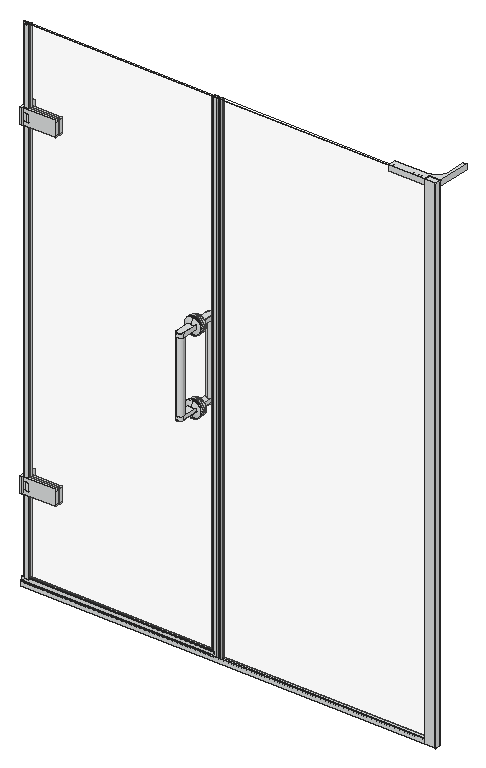
Revit family "Shower-Shower_Door-KOHLER-Components-K-27619", category Specialty Equipment, host Face, Revit 2017 (continued)
Definition of nested family "K-27619"
  Dimensions and locks (in)
    locked: plane 5 to cut or joined group 1 (Extrusion 2, Extrusion 5, Extrusion 7, Extrusion 9, Extrusion 10, Extrusion 11, Extrusion 12, Extrusion 13, Extrusion 18) at 0.49213
    locked: plane 5 to cut or joined group 1 at 0.44213
    locked: plane 5 to plane 19 at 0.98388
    locked: plane 5 to plane 20 at 0.94563
    locked: plane 5 to plane 21 at 0.44213
    locked: plane 5 to plane 22 at 0.49213
    locked: plane 5 to curve 162 at 1.24017
    locked: plane 5 to curve 173 at 1.24017
    locked: plane 5 to Extrusion 20 sketch curve at 5.15274
    plane 6 to plane 5 = 58"
    locked: plane 6 to plane 3 "Center (Left/Right)" at 23.05758
    "A": plane 5 to plane 6
    plane 23 "X" to plane 6 = 34 45/128"
    plane 4 to plane 26 = 7 13/16"
    plane 11 to level = 42 1/16"
    plane 27 to plane 6 = 31 9/16"
    plane 31 to plane 13 = 5 7/16"
    aligned and locked: plane 2 to level
    aligned and locked: cut or joined group of Extrusion 3, Extrusion 4, Extrusion 6, Extrusion 8, Extrusion 20 to plane 5  (x3)
    aligned and locked: plane 14 to cut or joined group of Extrusion 3, Extrusion 4, Extrusion 6, Extrusion 8, Extrusion 20  (x2)
    aligned and locked: plane 15 to cut or joined group of Extrusion 3, Extrusion 4, Extrusion 6, Extrusion 8, Extrusion 20
    aligned and locked: cut or joined group of Extrusion 3, Extrusion 4, Extrusion 6, Extrusion 8, Extrusion 20 to plane 14  (x2)
    aligned and locked: cut or joined group 1 to plane 14
    aligned and locked: Extrusion 17 to plane 15
    aligned and locked: Extrusion 17 to plane 14  (x2)
    aligned and locked: cut or joined group 1 to plane 5
    aligned and locked: Extrusion 19 to plane 14
    aligned and locked: plane 20 to cut or joined group 1
    aligned and locked: cut or joined group 1 to plane 19  (x2)
    aligned and locked: cut or joined group 1 to plane 20
    aligned and locked: Extrusion 1 to Extrusion 14
    aligned and locked: Extrusion 8 to cut or joined group of Extrusion 1, Extrusion 14
  Automatic sketch dimensions
    curve 122 to plane 13 = 0"
    curve 91 to plane 13 = 0"
    curve 84 to plane 13 = 0"
    curve 131 to level = 0"
    curve 131 to plane 7 = 0"
    curve 132 to level = 0"
    curve 132 to plane 7 = 0"
    curve 89 to plane 10 = 0"
    curve 133 to plane 10 = 0"
    curve 114 to plane 7 = 0"
    curve 96 to plane 7 = 0"
    plane 11 to curve 140 = 0"
    curve 90 to plane 7 = 0"
    curve 89 to plane 7 = 0"
    plane 25 to curve 128 = 0.0336"
    plane 1 "Center (Front/Back)" to curve 128 = 0.16426"
    plane 1 "Center (Front/Back)" to curve 125 = 0.16426"
    plane 1 "Center (Front/Back)" to curve 118 = 0.13285"
    curve 117 to plane 1 "Center (Front/Back)" = 0.09125"
    curve 130 to plane 25 = 0.0914"
    curve 130 to plane 1 "Center (Front/Back)" = 0.19263"
    curve 123 to plane 1 "Center (Front/Back)" = 0.19263"
    plane 12 to curve 107 = 0.30166"
    curve 107 to plane 12 = 0.03746"
    curve 100 to plane 7 = 0.30808"
    curve 100 to plane 4 = 0.89033"
    curve 102 to curve 103 = 0.31756"
    plane 8 to curve 124 = 6.04461"
    curve 124 to curve 126 = 1/8"
    curve 116 to plane 7 = 5.11858"
    curve 116 to curve 117 = 0.13821"
    curve 101 to curve 100 = 1/4"
    curve 107 to plane 7 = 0.54191"
    curve 107 to curve 108 = 1/8"
    curve 92 to plane 13 = 0.06491"
    curve 85 to curve 84 = 0.06491"
    plane 9 to curve 131 = 0.01297"
    plane 10 to curve 132 = 0.03956"
    curve 134 to curve 114 = 0.05284"
    curve 114 to curve 96 = 0.04359"
    curve 93 to curve 95 = 0.14683"
    curve 86 to curve 88 = 0.14683"
    curve 121 to plane 10 = 0.21466"
    curve 141 to plane 10 = 0.21466"
    curve 88 to curve 139 = 0.06783"
    curve 96 to curve 119 = 0.11823"
    curve 95 to curve 120 = 0.06783"
    curve 140 to plane 11 = 0.11817"
    curve 140 to plane 10 = 0.25441"
    curve 119 to curve 134 = 0.03975"
    curve 121 to curve 87 = 0.03975"
    curve 120 to curve 94 = 0.03977"
    curve 119 to curve 93 = 0.57224"
    curve 139 to curve 86 = 0.57224"
    curve 112 to plane 7 = 0.1201"
    curve 112 to curve 109 = 0.32269"
    curve 104 to plane 12 = 0.37565"
    curve 111 to plane 7 = 0.10663"
    curve 111 to curve 100 = 0.21983"
    curve 97 to plane 7 = 0.03436"
    curve 97 to plane 4 = 1/4"
    plane 8 to curve 133 = 0.12922"
    curve 133 to curve 89 = 0.24243"
    curve 89 to curve 121 = 0.00094"
    curve 89 to curve 133 = 0.0584"
    curve 123 to curve 87 = 4.85973"
    curve 87 to curve 84 = 0.00344"
    curve 85 to curve 84 = 0"  (x2)
    curve 85 to curve 85 = 2.16501"
    curve 84 to curve 86 = 0.00035"
    curve 122 to plane 28 = 2.3228"
    curve 139 to plane 28 = 0.29996"
    plane 28 to curve 141 = 0.26341"
    plane 28 to curve 122 = 1.6772"
    curve 141 to plane 24 = 0.26341"
    plane 11 to curve 120 = 0.2152"
    curve 91 to curve 116 = 7.94017"
    curve 91 to curve 94 = 0"
    curve 91 to curve 92 = 0.00344"
    curve 92 to curve 92 = 2.16535"
    curve 92 to curve 93 = 0"
    curve 92 to curve 91 = 0.01915"
    curve 96 to curve 112 = 0.63974"
    curve 90 to curve 103 = 0.20177"
    curve 104 to curve 107 = 0.19175"
    curve 99 to curve 110 = 0.04089"
    curve 96 to curve 113 = 0.06744"
    curve 199 to curve 200 = 0"  (x2)
    curve 201 to curve 202 = 0"  (x2)
    curve 167 to plane 5 = 0"
    curve 159 to plane 5 = 0"
    curve 67 to plane 5 = 0"
    curve 170 to plane 5 = 0"
    curve 68 to plane 5 = 0"
    curve 156 to plane 5 = 0"
    curve 161 to plane 14 = 0"
    curve 172 to plane 14 = 0"
    plane 21 to curve 178 = 0"
    plane 21 to curve 179 = 0"
    curve 180 to plane 8 = 0"
    plane 21 to curve 180 = 0"
    plane 19 to curve 135 = 0"
    plane 19 to curve 181 = 0"
    plane 19 to curve 182 = 0"
    plane 15 to curve 169 = 0"
    curve 157 to plane 15 = 0"
    curve 138 to plane 28 = 0"
    curve 203 to plane 24 = 0"
    curve 202 to plane 23 "X" = 0"
    curve 199 to plane 23 "X" = 0"
    curve 69 to plane 8 = 0"
    curve 79 to plane 7 = 0"
    curve 77 to plane 7 = 0"
    curve 75 to plane 7 = 0"
    curve 75 to level = 0"
    curve 82 to plane 7 = 0"
    plane 6 to curve 80 = 0"
    plane 6 to curve 81 = 0"
    curve 199 to plane 24 = 0"
    curve 175 to curve 173 = 0.02685"
    curve 165 to curve 162 = 0.02685"
    curve 163 to curve 166 = 0.01966"
    curve 177 to curve 173 = 0.01966"
    curve 170 to plane 15 = 0.19715"
    curve 159 to plane 15 = 0.19715"
    curve 158 to curve 157 = 0.19541"
    curve 167 to plane 15 = 0.19541"
    curve 138 to plane 23 "X" = 0.47037"
    plane 23 "X" to curve 204 = 0.47037"
    curve 78 to plane 7 = 0.75984"
    plane 6 to curve 78 = 6.7126"
    plane 8 to curve 170 = 11.15399"
    curve 181 to curve 174 = 0.58071"
    curve 177 to curve 176 = 0.95743"
    curve 171 to curve 169 = 1.77279"
    curve 201 to plane 28 = 0.05118"
    curve 159 to plane 7 = 13.05532"
    curve 182 to curve 163 = 0.58071"
    curve 166 to curve 165 = 0.95743"
    curve 160 to curve 158 = 1.77279"
    curve 72 to plane 27 = 0.23477"
    curve 74 to plane 8 = 0.10539"
    plane 27 to curve 74 = 0.34576"
    curve 74 to curve 73 = 0.14354"
    curve 73 to curve 70 = 0.05067"
    curve 71 to plane 7 = 0.24157"
    curve 70 to curve 71 = 0.52371"
    plane 6 to curve 76 = 1.70508"
    curve 76 to curve 77 = 0.12396"
    curve 77 to curve 80 = 0.00631"
    level to curve 82 = 0.00051"
    curve 75 to curve 82 = 0.02444"
    plane 8 to curve 66 = 0.15896"
    curve 66 to curve 83 = 0.32901"
    curve 201 to curve 201 = 1.18257"
    curve 200 to curve 137 = 1.085"
    curve 135 to plane 7 = 0.36646"
    curve 136 to plane 7 = 0.36646"
    curve 70 to plane 7 = 0.24157"
    curve 178 to plane 7 = 0.24157"
    curve 135 to curve 183 = 0.12489"
    curve 73 to curve 70 = 0"
    curve 74 to curve 73 = 0"
    curve 135 to curve 72 = 0.12493"
    curve 81 to plane 7 = 0.05824"
    curve 81 to curve 80 = 0.01166"
    Extrusion 1 sketch curve to plane 27 = 0.06"
    Extrusion 1 sketch curve to plane 27 = 0.05835"
    plane 27 to Extrusion 1 sketch curve = 0"
    plane 1 "Center (Front/Back)" to Extrusion 1 sketch curve = 0.07666"
    plane 27 to Extrusion 1 sketch curve = 0.82677"
    Extrusion 1 sketch curve to Extrusion 1 sketch curve = 0.062"  (x3)
    plane 10 to Extrusion 1 sketch curve = 0.17916"
    plane 6 to Extrusion 1 sketch curve = 1.5748"
    plane 1 "Center (Front/Back)" to Extrusion 1 sketch curve = 0.12603"
    plane 1 "Center (Front/Back)" to Extrusion 1 sketch curve = 0.13866"
    Extrusion 1 sketch curve to Extrusion 1 sketch curve = 0.06"
    Extrusion 1 sketch curve to plane 1 "Center (Front/Back)" = 0.13447"
    Extrusion 1 sketch curve to Extrusion 1 sketch curve = 0.05835"
    Extrusion 2 sketch curve to plane 5 = 0"
    Extrusion 2 sketch curve to plane 17 = 0"  (x2)
    Extrusion 2 sketch curve to plane 16 = 0"  (x2)
    Extrusion 2 sketch curve to plane 21 = 0.02311"
    Extrusion 2 sketch curve to plane 22 = 1/32"  (x2)
    plane 9 to Extrusion 2 sketch curve = 0.07891"
    Extrusion 2 sketch curve to Extrusion 2 sketch curve = 0.04681"
    Extrusion 2 sketch curve to Extrusion 2 sketch curve = 0.04145"
    Extrusion 2 sketch curve to plane 1 "Center (Front/Back)" = 0.19282"
    Extrusion 2 sketch curve to plane 1 "Center (Front/Back)" = 0.19623"
    Extrusion 2 sketch curve to Extrusion 2 sketch curve = 0.02023"
    Extrusion 2 sketch curve to Extrusion 2 sketch curve = 0.03698"
    Extrusion 3 sketch curve to plane 13 = 0.10639"
    plane 12 to Extrusion 3 sketch curve = 0.64596"
    plane 12 to Extrusion 3 sketch curve = 0.64549"
    Extrusion 3 sketch curve to Extrusion 3 sketch curve = 25/128"
    Extrusion 3 sketch curve to plane 7 = 13.05532"
    Extrusion 3 sketch curve to Extrusion 3 sketch curve = 1.77519"
    Extrusion 4 sketch curve to plane 14 = 0"  (x2)
    Extrusion 4 sketch curve to plane 15 = 0"
    Extrusion 4 sketch curve to plane 19 = 0.23416"
    Extrusion 4 sketch curve to plane 19 = 0.23504"
    Extrusion 4 sketch curve to Extrusion 4 sketch curve = 0.02124"
    Extrusion 4 sketch curve to Extrusion 4 sketch curve = 25/128"  (x2)
    Extrusion 4 sketch curve to plane 7 = 13.06658"
    Extrusion 4 sketch curve to Extrusion 4 sketch curve = 0.58071"
    Extrusion 4 sketch curve to Extrusion 4 sketch curve = 0.96057"
    Extrusion 4 sketch curve to Extrusion 4 sketch curve = 1.77438"
    Extrusion 5 sketch curve to plane 14 = 0"
    Extrusion 5 sketch curve to plane 13 = 0.06491"
    Extrusion 5 sketch curve to plane 20 = 0.09988"
    Extrusion 6 sketch curve to plane 13 = 0.10639"
    plane 12 to Extrusion 6 sketch curve = 0.64596"
    plane 12 to Extrusion 6 sketch curve = 0.64549"
    Extrusion 6 sketch curve to Extrusion 6 sketch curve = 25/128"
    plane 8 to Extrusion 6 sketch curve = 11.15434"
    Extrusion 6 sketch curve to Extrusion 6 sketch curve = 1.77485"
    Extrusion 7 sketch curve to level = 0"  (x2)
    plane 9 to Extrusion 7 sketch curve = 0.03917"
    Extrusion 7 sketch curve to Extrusion 7 sketch curve = 0.01963"
    Extrusion 7 sketch curve to Extrusion 7 sketch curve = 0.04724"
    Extrusion 7 sketch curve to Extrusion 7 sketch curve = 0.02019"
    level to Extrusion 7 sketch curve = 0.05772"
    plane 10 to Extrusion 7 sketch curve = 0.16888"
    Extrusion 7 sketch curve to Extrusion 7 sketch curve = 0.02102"
    plane 10 to Extrusion 7 sketch curve = 0.12269"
    Extrusion 7 sketch curve to Extrusion 7 sketch curve = 0.02207"
    Extrusion 7 sketch curve to plane 8 = 0.12746"
    plane 9 to Extrusion 8 sketch curve = 0.03917"
    Extrusion 8 sketch curve to Extrusion 8 sketch curve = 0.02117"
    Extrusion 8 sketch curve to Extrusion 8 sketch curve = 0.02165"
    Extrusion 8 sketch curve to plane 8 = 0.0016"
    Extrusion 8 sketch curve to Extrusion 8 sketch curve = 0.00226"
    Extrusion 8 sketch curve to plane 8 = 0.00511"
    Extrusion 8 sketch curve to Extrusion 8 sketch curve = 0.03336"
    plane 9 to Extrusion 8 sketch curve = 0.12855"
    Extrusion 8 sketch curve to Extrusion 8 sketch curve = 0.02189"
    plane 10 to Extrusion 8 sketch curve = 0.19198"
    Extrusion 8 sketch curve to Extrusion 8 sketch curve = 0.01282"
    Extrusion 8 sketch curve to Extrusion 8 sketch curve = 0.02207"
    Extrusion 8 sketch curve to Extrusion 8 sketch curve = 0.01733"
    Extrusion 8 sketch curve to plane 10 = 0.26508"
    Extrusion 8 sketch curve to Extrusion 8 sketch curve = 0.00507"
    Extrusion 8 sketch curve to Extrusion 8 sketch curve = 0.00541"
    Extrusion 8 sketch curve to Extrusion 8 sketch curve = 0.06108"
    plane 8 to Extrusion 8 sketch curve = 0.15896"
    Extrusion 8 sketch curve to Extrusion 8 sketch curve = 0.01492"
    plane 8 to Extrusion 8 sketch curve = 0.31005"
    Extrusion 8 sketch curve to Extrusion 8 sketch curve = 0.03844"
    Extrusion 8 sketch curve to Extrusion 8 sketch curve = 0.11736"
    Extrusion 8 sketch curve to Extrusion 8 sketch curve = 0.00019"
    Extrusion 8 sketch curve to Extrusion 8 sketch curve = 0.0015"
    Extrusion 9 sketch curve to plane 13 = 0"
    plane 10 to Extrusion 9 sketch curve = 0"
    Extrusion 9 sketch curve to plane 6 = 0"
    plane 6 to Extrusion 9 sketch curve = 3/128"  (x2)
    plane 10 to Extrusion 9 sketch curve = 0.02444"
    Extrusion 9 sketch curve to Extrusion 9 sketch curve = 1.52693"
    Extrusion 9 sketch curve to Extrusion 9 sketch curve = 3/128"
    Extrusion 9 sketch curve to Extrusion 9 sketch curve = 0"
    Extrusion 9 sketch curve to Extrusion 9 sketch curve = 0.02027"
    plane 9 to Extrusion 9 sketch curve = 0.11448"
    Extrusion 9 sketch curve to Extrusion 9 sketch curve = 0.03079"
    plane 1 "Center (Front/Back)" to Extrusion 9 sketch curve = 0.13866"
    Extrusion 9 sketch curve to Extrusion 9 sketch curve = 0.07921"
    Extrusion 9 sketch curve to Extrusion 9 sketch curve = 0.00926"
    Extrusion 10 sketch curve to plane 13 = 0"
    plane 10 to Extrusion 10 sketch curve = 0"
    Extrusion 10 sketch curve to plane 6 = 0"
    plane 6 to Extrusion 10 sketch curve = 3/128"
    Extrusion 10 sketch curve to plane 9 = 0.02007"
    Extrusion 10 sketch curve to Extrusion 10 sketch curve = 1.52693"
    Extrusion 10 sketch curve to Extrusion 10 sketch curve = 0.001"
    Extrusion 10 sketch curve to Extrusion 10 sketch curve = 0.02444"
    Extrusion 11 sketch curve to plane 9 = 0"
    Extrusion 11 sketch curve to plane 4 = 0"
    Extrusion 11 sketch curve to plane 6 = 0"
    Extrusion 11 sketch curve to Extrusion 11 sketch curve = 0.07843"
    Extrusion 11 sketch curve to plane 4 = 0.02159"
    plane 6 to Extrusion 11 sketch curve = 0.45479"
    plane 9 to Extrusion 11 sketch curve = 0.02369"
    plane 6 to Extrusion 11 sketch curve = 1.58111"
    Extrusion 11 sketch curve to Extrusion 11 sketch curve = 0.39526"
    plane 9 to Extrusion 11 sketch curve = 0.02268"
    Extrusion 11 sketch curve to Extrusion 11 sketch curve = 4.71354"
    Extrusion 11 sketch curve to Extrusion 11 sketch curve = 0.02214"
    Extrusion 11 sketch curve to plane 10 = 0.09643"
    Extrusion 11 sketch curve to plane 10 = 0.41287"
    plane 1 "Center (Front/Back)" to Extrusion 12 sketch curve = 0.13866"
    Extrusion 12 sketch curve to Extrusion 12 sketch curve = 0.02395"  (x2)
    plane 10 to Extrusion 12 sketch curve = 13/64"
    plane 10 to Extrusion 12 sketch curve = 0.17916"
    Extrusion 12 sketch curve to plane 7 = 0.77361"
    Extrusion 12 sketch curve to plane 7 = 0.26553"  (x2)
    Extrusion 13 sketch curve to plane 27 = 0.23477"
    Extrusion 13 sketch curve to plane 27 = 0.23432"
    Extrusion 13 sketch curve to Extrusion 13 sketch curve = 0.05257"
    Extrusion 13 sketch curve to Extrusion 13 sketch curve = 0.05306"
    Extrusion 13 sketch curve to Extrusion 13 sketch curve = 0.007"
    Extrusion 13 sketch curve to Extrusion 13 sketch curve = 0.02419"
    Extrusion 13 sketch curve to Extrusion 13 sketch curve = 0.02214"
    Extrusion 13 sketch curve to Extrusion 13 sketch curve = 0.04726"
    Extrusion 13 sketch curve to plane 27 = 0.02447"
    Extrusion 13 sketch curve to plane 27 = 0.02354"
    Extrusion 13 sketch curve to plane 27 = 0.02278"
    plane 27 to Extrusion 13 sketch curve = 0"
    plane 27 to Extrusion 13 sketch curve = 0.03212"
    plane 27 to Extrusion 13 sketch curve = 0.0539"
    plane 27 to Extrusion 13 sketch curve = 0.07946"
    Extrusion 13 sketch curve to Extrusion 13 sketch curve = 0.1563"
    plane 27 to Extrusion 13 sketch curve = 0.18992"
    Extrusion 13 sketch curve to plane 1 "Center (Front/Back)" = 0.1381"
    Extrusion 13 sketch curve to Extrusion 13 sketch curve = 0.11986"
    Extrusion 13 sketch curve to Extrusion 13 sketch curve = 0.04324"  (x2)
    plane 27 to Extrusion 13 sketch curve = 0.41297"
    plane 1 "Center (Front/Back)" to Extrusion 13 sketch curve = 0.16325"
    Extrusion 13 sketch curve to Extrusion 13 sketch curve = 0.16989"
    plane 1 "Center (Front/Back)" to Extrusion 13 sketch curve = 0.11955"
    Extrusion 13 sketch curve to Extrusion 13 sketch curve = 0.0437"
    plane 27 to Extrusion 13 sketch curve = 0.53619"
    plane 9 to Extrusion 13 sketch curve = 0.15095"
    Extrusion 13 sketch curve to Extrusion 13 sketch curve = 0.12676"
    Extrusion 13 sketch curve to Extrusion 13 sketch curve = 0.10339"
    plane 27 to Extrusion 13 sketch curve = 0.75898"
    Extrusion 13 sketch curve to plane 13 = 0.61967"
    plane 27 to Extrusion 13 sketch curve = 0.80608"
    Extrusion 13 sketch curve to Extrusion 13 sketch curve = 0.07475"
    Extrusion 13 sketch curve to Extrusion 13 sketch curve = 0.0239"
    Extrusion 13 sketch curve to Extrusion 13 sketch curve = 0.04269"
    Extrusion 13 sketch curve to Extrusion 13 sketch curve = 0.01431"
    Extrusion 13 sketch curve to Extrusion 13 sketch curve = 0.12897"
    Extrusion 13 sketch curve to Extrusion 13 sketch curve = 0.02353"
    Extrusion 13 sketch curve to Extrusion 13 sketch curve = 0.16899"
    Extrusion 13 sketch curve to Extrusion 13 sketch curve = 0.05535"
    plane 26 to Extrusion 13 sketch curve = 0.99784"
    Extrusion 13 sketch curve to plane 26 = 1.40804"
    plane 9 to Extrusion 13 sketch curve = 0.16717"
    plane 1 "Center (Front/Back)" to Extrusion 13 sketch curve = 0.1737"
    Extrusion 13 sketch curve to Extrusion 13 sketch curve = 0.01403"
    Extrusion 13 sketch curve to Extrusion 13 sketch curve = 0.02123"
    Extrusion 13 sketch curve to Extrusion 13 sketch curve = 0.01061"
    Extrusion 13 sketch curve to Extrusion 13 sketch curve = 0.01515"
    Extrusion 13 sketch curve to Extrusion 13 sketch curve = 0.02444"
    Extrusion 13 sketch curve to Extrusion 13 sketch curve = 0.05968"
    Extrusion 13 sketch curve to plane 1 "Center (Front/Back)" = 0.07938"
    Extrusion 13 sketch curve to plane 1 "Center (Front/Back)" = 0.14164"
    Extrusion 13 sketch curve to Extrusion 13 sketch curve = 0.04136"
    Extrusion 13 sketch curve to Extrusion 13 sketch curve = 0.05275"
    Extrusion 13 sketch curve to Extrusion 13 sketch curve = 0.01147"
    Extrusion 13 sketch curve to plane 1 "Center (Front/Back)" = 0.19465"
    Extrusion 13 sketch curve to Extrusion 13 sketch curve = 0.0758"
    Extrusion 13 sketch curve to Extrusion 13 sketch curve = 0.04369"
    Extrusion 13 sketch curve to plane 10 = 0.34736"
    Extrusion 13 sketch curve to Extrusion 13 sketch curve = 0.64655"
    Extrusion 13 sketch curve to plane 4 = 1.30255"
    Extrusion 13 sketch curve to plane 4 = 0.60067"
    Extrusion 13 sketch curve to Extrusion 13 sketch curve = 0"  (x5)
    plane 22 to Extrusion 14 sketch curve = 0"
    Extrusion 14 sketch curve to plane 27 = 0"
    level to Extrusion 14 sketch curve = 0.32822"
    plane 8 to Extrusion 14 sketch curve = 0.48798"
    Masking region 1 sketch curve to Masking region 1 sketch curve = 0"  (x7)
    Masking region 1 sketch curve to plane 5 = 0"
    Masking region 1 sketch curve to plane 14 = 0"  (x2)
    Masking region 1 sketch curve to plane 15 = 0"
    Masking region 1 sketch curve to plane 26 = 0"  (x3)
    Masking region 1 sketch curve to plane 23 "X" = 0"  (x2)
    Masking region 1 sketch curve to plane 9 = 0"
    plane 10 to Masking region 1 sketch curve = 0"
    Masking region 1 sketch curve to plane 13 = 0"
    Masking region 1 sketch curve to plane 4 = 0.05648"
    Masking region 1 sketch curve to plane 6 = 0"  (x2)
    plane 9 to Masking region 1 sketch curve = 0.03917"  (x2)
    Masking region 1 sketch curve to plane 23 "X" = 1.18276"
    Masking region 1 sketch curve to plane 13 = 0.00492"  (x2)
    Masking region 1 sketch curve to Masking region 1 sketch curve = 0.02264"
    Masking region 1 sketch curve to plane 9 = 0.01971"  (x2)
    Masking region 1 sketch curve to plane 13 = 0.16494"  (x2)
    Masking region 1 sketch curve to plane 23 "X" = 0.49262"  (x2)
    plane 23 "X" to Masking region 1 sketch curve = 0.49262"  (x2)
    Masking region 1 sketch curve to Masking region 1 sketch curve = 0.66062"
    Masking region 1 sketch curve to Masking region 1 sketch curve = 0.00688"
    plane 27 to Masking region 1 sketch curve = 0"
    Masking region 1 sketch curve to plane 10 = 0.41287"
    plane 6 to Masking region 1 sketch curve = 6.7126"
    Masking region 1 sketch curve to Masking region 1 sketch curve = 0.02214"
    Masking region 1 sketch curve to Masking region 1 sketch curve = 0.03333"
    plane 6 to Masking region 1 sketch curve = 1.97638"
    Masking region 1 sketch curve to Masking region 1 sketch curve = 0.37157"
    Masking region 1 sketch curve to plane 10 = 0.09643"
    Masking region 1 sketch curve to Masking region 1 sketch curve = 0.39526"
    plane 9 to Masking region 1 sketch curve = 0.01297"
    Masking region 1 sketch curve to Masking region 1 sketch curve = 0.03001"
    Masking region 1 sketch curve to Masking region 1 sketch curve = 3/128"
    Masking region 1 sketch curve to Masking region 1 sketch curve = 0.03075"
    Masking region 1 sketch curve to plane 4 = 0.07807"
    plane 6 to Masking region 1 sketch curve = 0.47638"
    plane 6 to Masking region 1 sketch curve = 0.07843"
    Masking region 1 sketch curve to plane 9 = 0.02007"
    plane 6 to Masking region 1 sketch curve = 3/128"
    Masking region 1 sketch curve to plane 13 = 0.10639"
    Masking region 1 sketch curve to plane 13 = 0.06491"
    plane 10 to Masking region 1 sketch curve = 0.10062"
    Masking region 1 sketch curve to plane 10 = 0.28591"  (x2)
    plane 12 to Masking region 1 sketch curve = 0.45064"
    Masking region 1 sketch curve to plane 12 = 0.44668"
    Masking region 1 sketch curve to Masking region 1 sketch curve = 0.00049"  (x2)
    Masking region 2 sketch curve to level = 0"
    Masking region 2 sketch curve to plane 5 = 0"
    Masking region 2 sketch curve to plane 7 = 0"
    plane 6 to Masking region 2 sketch curve = 0"
    Masking region 2 sketch curve to plane 7 = 0.24157"
    plane 6 to Masking region 2 sketch curve = 6.7126"
    plane 6 to Masking region 2 sketch curve = 0.0237"
    Masking region 3 sketch curve to plane 13 = 0"  (x5)
    Masking region 3 sketch curve to plane 7 = 0"
    Masking region 3 sketch curve to level = 0"
    Masking region 3 sketch curve to plane 10 = 0"  (x2)
    Masking region 3 sketch curve to plane 4 = 0.05648"
    Masking region 3 sketch curve to Masking region 3 sketch curve = 0.06491"  (x3)
    Masking region 3 sketch curve to Masking region 3 sketch curve = 0.04148"  (x2)
    Masking region 3 sketch curve to plane 13 = 0.20706"
    Masking region 3 sketch curve to plane 13 = 0.21341"
    Masking region 3 sketch curve to plane 13 = 0.21929"
    Masking region 3 sketch curve to plane 13 = 0.22249"
    plane 26 to Masking region 3 sketch curve = 0.49213"
    Masking region 3 sketch curve to plane 26 = 0.46323"
    plane 11 to Masking region 3 sketch curve = 0.21198"
    Masking region 3 sketch curve to plane 26 = 0.46612"
    Masking region 3 sketch curve to Masking region 3 sketch curve = 0.02889"  (x2)
    Masking region 3 sketch curve to plane 10 = 0.25441"  (x5)
    Masking region 3 sketch curve to Masking region 3 sketch curve = 0.01066"
    Masking region 3 sketch curve to Masking region 3 sketch curve = 0.00507"
    Masking region 3 sketch curve to Masking region 3 sketch curve = 0.00541"
    plane 12 to Masking region 3 sketch curve = 0.64596"  (x2)
    plane 12 to Masking region 3 sketch curve = 0.64549"  (x2)
    Masking region 3 sketch curve to Masking region 3 sketch curve = 25/128"
    Masking region 3 sketch curve to Masking region 3 sketch curve = 0.19485"
    plane 12 to Masking region 3 sketch curve = 0.03312"
    Masking region 3 sketch curve to plane 28 = 0.27229"
    Masking region 3 sketch curve to plane 12 = 0.92223"
    plane 11 to Masking region 3 sketch curve = 0.23799"
    Masking region 3 sketch curve to plane 12 = 0.92512"
    plane 8 to Masking region 3 sketch curve = 0.15896"
    Masking region 3 sketch curve to Masking region 3 sketch curve = 0.01492"
    plane 8 to Masking region 3 sketch curve = 0.24911"
    Masking region 3 sketch curve to Masking region 3 sketch curve = 0.04025"
    Masking region 3 sketch curve to Masking region 3 sketch curve = 0.08229"
    Masking region 3 sketch curve to Masking region 3 sketch curve = 10.78269"
    Masking region 3 sketch curve to Masking region 3 sketch curve = 0"  (x3)
    Masking region 3 sketch curve to Masking region 3 sketch curve = 0.00344"  (x2)
    Masking region 3 sketch curve to Masking region 3 sketch curve = 1.77863"  (x2)
    Masking region 3 sketch curve to Masking region 3 sketch curve = 0.00035"
    Masking region 3 sketch curve to plane 28 = 1.23214"
    Masking region 3 sketch curve to plane 28 = 0.30118"
    plane 28 to Masking region 3 sketch curve = 0.26341"  (x2)
    Masking region 3 sketch curve to Masking region 3 sketch curve = 0.86637"
    plane 25 to Masking region 3 sketch curve = 1.04816"
    plane 25 to Masking region 3 sketch curve = 0.74538"
    Masking region 3 sketch curve to plane 24 = 1.18096"
    Masking region 3 sketch curve to plane 24 = 0.26341"  (x2)
    Masking region 3 sketch curve to plane 11 = 0.68096"
    Masking region 3 sketch curve to plane 7 = 13.05875"
    Masking region 3 sketch curve to Masking region 3 sketch curve = 0.75984"
    Extrusion 15 sketch curve to plane 5 = 0"
    Extrusion 15 sketch curve to plane 22 = 0"
    Extrusion 15 sketch curve to plane 19 = 0"  (x2)
    Extrusion 15 sketch curve to plane 27 = 0"
    Extrusion 15 sketch curve to plane 13 = 0"
    Extrusion 15 sketch curve to plane 6 = 0"
    plane 9 to Extrusion 15 sketch curve = 0.09645"
    Extrusion 15 sketch curve to plane 27 = 0.23477"  (x2)
    Extrusion 15 sketch curve to plane 27 = 0.06"  (x2)
    plane 1 "Center (Front/Back)" to Extrusion 15 sketch curve = 0.07666"
    plane 27 to Extrusion 15 sketch curve = 0.82677"
    Extrusion 15 sketch curve to Extrusion 15 sketch curve = 0.062"  (x2)
    Extrusion 15 sketch curve to Extrusion 15 sketch curve = 15/64"  (x2)
    Extrusion 15 sketch curve to Extrusion 15 sketch curve = 1.5748"
    plane 9 to Extrusion 15 sketch curve = 0.03666"
    plane 9 to Extrusion 15 sketch curve = 0.16717"
    Extrusion 15 sketch curve to Extrusion 15 sketch curve = 0.13051"
    Extrusion 15 sketch curve to Extrusion 15 sketch curve = 0.1181"
    Extrusion 15 sketch curve to Extrusion 15 sketch curve = 0.06"  (x2)
    Extrusion 15 sketch curve to plane 1 "Center (Front/Back)" = 0.13447"
    Extrusion 15 sketch curve to plane 1 "Center (Front/Back)" = 0.17534"
    Extrusion 15 sketch curve to plane 1 "Center (Front/Back)" = 0.19282"
    plane 10 to Extrusion 15 sketch curve = 0.17916"
    Extrusion 15 sketch curve to Extrusion 15 sketch curve = 0.03671"
    plane 10 to Extrusion 15 sketch curve = 0.10913"
    Extrusion 15 sketch curve to plane 10 = 0.04602"
    Extrusion 16 sketch curve to plane 9 = 0"
    Extrusion 16 sketch curve to plane 13 = 0"
    Extrusion 16 sketch curve to plane 4 = 0"
    Extrusion 16 sketch curve to plane 6 = 0"
    plane 6 to Extrusion 16 sketch curve = 0.47638"
    plane 6 to Extrusion 16 sketch curve = 1.5748"
    Extrusion 16 sketch curve to plane 10 = 0.43501"
    Extrusion 16 sketch curve to Extrusion 16 sketch curve = 5.1378"
    Extrusion 17 sketch curve to plane 14 = 0"  (x2)
    plane 15 to Extrusion 17 sketch curve = 0"
    Extrusion 17 sketch curve to Extrusion 17 sketch curve = 0.02212"
    Extrusion 17 sketch curve to Extrusion 17 sketch curve = 0.02124"
    Extrusion 17 sketch curve to Extrusion 17 sketch curve = 25/128"  (x2)
    plane 8 to Extrusion 17 sketch curve = 11.15434"
    Extrusion 17 sketch curve to Extrusion 17 sketch curve = 0.58071"
    Extrusion 17 sketch curve to Extrusion 17 sketch curve = 0.96057"
    Extrusion 17 sketch curve to Extrusion 17 sketch curve = 1.77438"
    Extrusion 18 sketch curve to plane 5 = 0"  (x2)
    plane 8 to Extrusion 18 sketch curve = 11.15434"
    Extrusion 18 sketch curve to Extrusion 18 sketch curve = 2.16501"  (x2)
    Extrusion 18 sketch curve to plane 7 = 13.05532"
    Extrusion 19 sketch curve to plane 14 = 0"
    Extrusion 19 sketch curve to plane 13 = 0.06491"
    Extrusion 19 sketch curve to plane 20 = 0.15085"
    Extrusion 20 sketch curve to plane 22 = 0"
    plane 9 to Extrusion 20 sketch curve = 0.16717"
    Extrusion 20 sketch curve to plane 1 "Center (Front/Back)" = 0.19282"
    Extrusion 21 sketch curve to plane 5 = 0"  (x2)
    plane 15 to Extrusion 21 sketch curve = 0"
    Extrusion 21 sketch curve to plane 15 = 0"
    plane 8 to Extrusion 21 sketch curve = 11.15434"
    Extrusion 21 sketch curve to Extrusion 21 sketch curve = 2.16501"
    Extrusion 21 sketch curve to plane 7 = 13.05532"
    Extrusion 21 sketch curve to Extrusion 21 sketch curve = 2.16535"
    Extrusion 22 sketch curve to level = 0"
    Extrusion 22 sketch curve to plane 5 = 0"
    plane 6 to Extrusion 22 sketch curve = 0"
    plane 8 to Extrusion 22 sketch curve = 0.29465"
    Revolve 23 sketch curve to plane 24 = 0"  (x2)
    Revolve 23 sketch curve to plane 13 = 0.24141"
    Revolve 23 sketch curve to Revolve 23 sketch curve = 0.01834"
    Revolve 23 sketch curve to plane 13 = 0.00454"
    Revolve 23 sketch curve to plane 9 = 0.02131"
    plane 9 to Revolve 23 sketch curve = 0.16717"
    Revolve 23 sketch curve to plane 1 "Center (Front/Back)" = 0.02641"
    Revolve 23 sketch curve to Revolve 23 sketch curve = 0.09575"
    Revolve 23 sketch curve to plane 11 = 0.65509"
    Revolve 23 sketch curve to Revolve 23 sketch curve = 0.00641"
    Revolve 23 sketch curve to Revolve 23 sketch curve = 0.04184"
    Revolve 23 sketch curve to Revolve 23 sketch curve = 0.08482"
    plane 13 to Revolve 24 sketch curve = 0.24141"
    Revolve 24 sketch curve to Revolve 24 sketch curve = 0.01834"
    plane 13 to Revolve 24 sketch curve = 0.00454"
    plane 9 to Revolve 24 sketch curve = 0.02131"
    plane 28 to Revolve 24 sketch curve = 0.05118"
    Revolve 24 sketch curve to plane 9 = 0.16717"
    plane 1 "Center (Front/Back)" to Revolve 24 sketch curve = 0.02641"
    Revolve 24 sketch curve to Revolve 24 sketch curve = 0.09575"
    Revolve 24 sketch curve to Revolve 24 sketch curve = 0.90428"
    Revolve 24 sketch curve to Revolve 24 sketch curve = 0.00641"
    Revolve 24 sketch curve to Revolve 24 sketch curve = 0.04184"
    Revolve 24 sketch curve to Revolve 24 sketch curve = 0.08482"
    Revolve 24 sketch curve to Revolve 24 sketch curve = 0"
    Revolve 25 sketch curve to plane 10 = 0.22943"
    Revolve 25 sketch curve to Revolve 25 sketch curve = 0.01834"
    plane 10 to Revolve 25 sketch curve = 0.00744"
    Revolve 25 sketch curve to Revolve 25 sketch curve = 0.02673"
    Revolve 25 sketch curve to plane 28 = 0.05118"
    Revolve 25 sketch curve to plane 1 "Center (Front/Back)" = 0.19385"
    plane 1 "Center (Front/Back)" to Revolve 25 sketch curve = 0.0186"
    Revolve 25 sketch curve to Revolve 25 sketch curve = 0.09575"
    Revolve 25 sketch curve to Revolve 25 sketch curve = 0.90428"
    Revolve 25 sketch curve to Revolve 25 sketch curve = 0.00641"
    Revolve 25 sketch curve to Revolve 25 sketch curve = 0.04184"
    Revolve 25 sketch curve to Revolve 25 sketch curve = 0.08482"
    Revolve 25 sketch curve to Revolve 25 sketch curve = 0"
    Revolve 26 sketch curve to plane 24 = 0"  (x2)
    plane 10 to Revolve 26 sketch curve = 0.22943"
    Revolve 26 sketch curve to Revolve 26 sketch curve = 0.01834"
    Revolve 26 sketch curve to plane 10 = 0.00744"
    Revolve 26 sketch curve to Revolve 26 sketch curve = 0.02673"
    plane 1 "Center (Front/Back)" to Revolve 26 sketch curve = 0.19385"
    Revolve 26 sketch curve to plane 1 "Center (Front/Back)" = 0.0186"
    Revolve 26 sketch curve to plane 24 = 0.09575"
    plane 11 to Revolve 26 sketch curve = 0.65509"
    Revolve 26 sketch curve to Revolve 26 sketch curve = 0.00641"
    Revolve 26 sketch curve to Revolve 26 sketch curve = 0.04184"
    Revolve 26 sketch curve to Revolve 26 sketch curve = 0.08482"
    Sweep 27 sketch curve to plane 26 = 0"
    Sweep 27 sketch curve to plane 23 "X" = 0"
    plane 9 to Sweep 27 sketch curve = 0.00761"
    Sweep 27 sketch curve to plane 23 "X" = 0.49213"
    Sweep 27 sketch curve to profile plane = 0"
    Sweep 27 sketch curve to profile plane = 0.02436"
    Sweep 27 sketch curve to Sweep 27 sketch curve = 0.03136"
    level to Sweep 27 sketch curve = 41.29909"
    Sweep 27 sketch curve to Sweep 27 sketch curve = 0.52682"
    Sweep 28 sketch curve to plane 26 = 0"
    Sweep 28 sketch curve to plane 23 "X" = 0"
    plane 9 to Sweep 28 sketch curve = 0.00761"
    Sweep 28 sketch curve to plane 23 "X" = 0.49213"
    Sweep 28 sketch curve to profile plane = 0"
    Sweep 28 sketch curve to profile plane = 0.02436"
    Sweep 28 sketch curve to Sweep 28 sketch curve = 0.03136"
    Sweep 28 sketch curve to profile plane = 41.79909"
    Sweep 28 sketch curve to Sweep 28 sketch curve = 0.52682"
    Sweep 29 sketch curve to plane 23 "X" = 0"
    Sweep 29 sketch curve to plane 10 = 0.07091"
    plane 23 "X" to Sweep 29 sketch curve = 0.49213"
    plane 12 to Sweep 29 sketch curve = 0.459"
    Sweep 29 sketch curve to profile plane = 0"
    profile plane to Sweep 29 sketch curve = 0.02436"
    profile plane to Sweep 29 sketch curve = 0.05573"
    level to Sweep 29 sketch curve = 41.29909"
    Sweep 29 sketch curve to Sweep 29 sketch curve = 0.52682"
    Sweep 30 sketch curve to plane 23 "X" = 0"
    Sweep 30 sketch curve to plane 12 = 0.459"
    plane 10 to Sweep 30 sketch curve = 0.07091"
    Sweep 30 sketch curve to plane 23 "X" = 0.49213"
    Sweep 30 sketch curve to profile plane = 0"
    Sweep 30 sketch curve to Sweep 30 sketch curve = 0.02436"
    Sweep 30 sketch curve to Sweep 30 sketch curve = 0.05573"
    Sweep 30 sketch curve to profile plane = 41.78691"
    Sweep 30 sketch curve to Sweep 30 sketch curve = 0.52682"
    Extrusion 31 sketch curve to plane 26 = 0"
    Extrusion 31 sketch curve to plane 23 "X" = 0"
    Extrusion 31 sketch curve to plane 23 "X" = 0.4364"
    Extrusion 31 sketch curve to plane 13 = 0.00461"
    Extrusion 32 sketch curve to plane 23 "X" = 0"
    plane 23 "X" to Extrusion 32 sketch curve = 0.4364"
    plane 12 to Extrusion 32 sketch curve = 0.459"
    Extrusion 32 sketch curve to plane 10 = 0.01518"
    Extrusion 33 sketch curve to plane 26 = 0"
    Extrusion 33 sketch curve to plane 23 "X" = 0"
    Extrusion 33 sketch curve to plane 13 = 0.00461"
    Extrusion 33 sketch curve to plane 23 "X" = 0.4364"
    Extrusion 34 sketch curve to plane 23 "X" = 0"
    Extrusion 34 sketch curve to plane 10 = 0.01518"
    plane 23 "X" to Extrusion 34 sketch curve = 0.4364"
    plane 12 to Extrusion 34 sketch curve = 0.459"
    Revolve 35 sketch curve to plane 26 = 0"  (x2)
    Revolve 35 sketch curve to Revolve 35 sketch curve = 0.49213"
    plane 28 to Revolve 35 sketch curve = 0.26341"
    Revolve 35 sketch curve to plane 24 = 0.26341"
    Revolve 35 sketch curve to plane 28 = 2.05118"
    Revolve 35 sketch curve to Revolve 35 sketch curve = 1 1/2"
    Revolve 36 sketch curve to plane 28 = 0.27559"
    plane 12 to Revolve 36 sketch curve = 0.95113"
    plane 12 to Revolve 36 sketch curve = 0.459"  (x2)
    plane 24 to Revolve 36 sketch curve = 0.26341"
    plane 28 to Revolve 36 sketch curve = 2.05118"
    Revolve 36 sketch curve to Revolve 36 sketch curve = 1 1/2"
    curve 206 to plane 13 = 0"
    curve 217 to plane 10 = 0"
    curve 218 to plane 10 = 0"
    curve 212 to plane 10 = 0"
    curve 210 to plane 10 = 0"
    plane 26 to curve 225 = 0.16638"
    plane 26 to curve 226 = 0.16638"
    curve 213 to plane 10 = 0.20216"
    curve 212 to plane 10 = 0.20837"
    curve 219 to plane 10 = 0.21466"
    curve 223 to plane 12 = 0.29262"
    curve 221 to plane 12 = 0.29262"
    curve 216 to plane 28 = 0.30118"
    plane 28 to curve 222 = 0.26341"
    plane 28 to curve 219 = 0.26341"
    plane 28 to curve 226 = 0.26341"
    curve 227 to curve 227 = 0.29553"
    curve 223 to curve 223 = 0.29553"
    curve 207 to plane 24 = 1.18096"
    curve 221 to plane 24 = 0.55894"
    curve 225 to plane 24 = 0.55894"
    curve 220 to plane 24 = 0.26341"
    curve 213 to plane 24 = 0.26341"
    curve 224 to plane 24 = 0.26341"
    plane 11 to curve 210 = 0.21198"
    curve 206 to plane 11 = 0.68096"
    curve 214 to plane 13 = 0.20706"
    curve 205 to plane 13 = 0.21929"
    curve 214 to plane 13 = 0.22249"
    curve 225 to curve 224 = 0.32575"
    curve 227 to curve 226 = 0.32575"
    curve 225 to plane 26 = 0.04275"
    curve 227 to plane 26 = 0.04275"
    plane 9 to curve 206 = 0.01297"
    plane 9 to curve 207 = 0.01297"
    curve 218 to curve 215 = 0"
    curve 215 to curve 215 = 0.03975"
    curve 211 to curve 211 = 0.04605"
    curve 209 to curve 209 = 0.05225"
    curve 216 to curve 216 = 0.03975"
    plane 12 to curve 220 = 0.03312"
    plane 12 to curve 222 = 0.03312"
    curve 220 to curve 221 = 0.20913"
    curve 223 to curve 223 = 0.20913"
    curve 214 to plane 28 = 0.30118"
    curve 217 to curve 216 = 0.88134"
    plane 28 to curve 214 = 0.26341"
    curve 215 to curve 218 = 0.03777"
    curve 218 to curve 218 = 0.88134"
    curve 207 to curve 212 = 0.05281"
    curve 205 to plane 24 = 0.26341"
    plane 11 to curve 205 = 0.21687"
    curve 210 to plane 11 = 0.62873"
    Sweep 37 sketch curve to plane 26 = 0.49213"
    plane 11 to Sweep 37 sketch curve = 0.21198"
    plane 26 to Sweep 37 sketch curve = 1.04251"
    Sweep 37 sketch curve to plane 28 = 0.30118"
    plane 26 to Sweep 37 sketch curve = 1.04303"
    plane 9 to Sweep 37 sketch curve = 0.03666"  (x2)
    Sweep 37 sketch curve to plane 23 "X" = 0"
    Sweep 37 sketch curve to profile plane = 0.49213"
    plane 12 to Sweep 38 sketch curve = 0.95113"
    Sweep 38 sketch curve to plane 11 = 0.21198"
    Sweep 38 sketch curve to plane 12 = 0.58351"
    plane 28 to Sweep 38 sketch curve = 0.30118"
    Sweep 38 sketch curve to plane 12 = 0.58403"
    Sweep 38 sketch curve to plane 10 = 0.09996"  (x2)
    Sweep 38 sketch curve to plane 23 "X" = 0"
    profile plane to Sweep 38 sketch curve = 0.49213"
    Extrusion 39 sketch curve to plane 23 "X" = 0"  (x2)
    Extrusion 39 sketch curve to plane 28 = 0"
    Extrusion 39 sketch curve to plane 24 = 0"
    Extrusion 40 sketch curve to plane 23 "X" = 0"  (x2)
    Extrusion 40 sketch curve to plane 24 = 0"
    Extrusion 40 sketch curve to plane 28 = 0"
    curve 142 to plane 5 = 0"
    curve 143 to plane 5 = 0"
    curve 3 to plane 14 = 0"
    curve 144 to plane 21 = 0"
    curve 148 to plane 22 = 0"
    curve 151 to plane 20 = 0"
    curve 150 to plane 20 = 0"
    curve 142 to plane 19 = 0"
    curve 154 to plane 19 = 0"
    curve 4 to plane 15 = 0"
    curve 8 to plane 15 = 0"
    curve 34 to plane 27 = 0"
    curve 63 to plane 9 = 0"
    plane 10 to curve 64 = 0"
    curve 61 to plane 13 = 0"
    plane 10 to curve 59 = 0"
    curve 56 to plane 31 = 0"
    curve 62 to plane 6 = 0"
    curve 154 to plane 21 = 0.02311"
    curve 146 to curve 146 = 1/32"
    curve 149 to plane 22 = 1/32"
    plane 10 to curve 188 = 0.03983"
    curve 188 to plane 23 "X" = 1.18276"
    plane 10 to curve 197 = 0.00618"
    curve 191 to curve 197 = 0.02652"
    curve 190 to plane 10 = 0.15321"
    curve 190 to plane 23 "X" = 0.49262"
    plane 23 "X" to curve 194 = 0.49262"
    plane 10 to curve 195 = 0.03983"
    curve 193 to curve 195 = 0.65554"
    curve 195 to curve 197 = 0.00808"
    curve 198 to plane 27 = 0.23506"
    curve 25 to plane 27 = 0.18174"
    curve 6 to curve 11 = 0.05335"
    curve 10 to curve 10 = 0.007"
    curve 10 to curve 17 = 0.0694"
    curve 2 to plane 27 = 0.06"
    curve 16 to plane 27 = 0.05835"
    curve 14 to plane 27 = 0.02447"
    curve 18 to plane 27 = 0.02354"
    curve 19 to plane 27 = 0.02278"
    plane 27 to curve 11 = 0.03212"
    plane 27 to curve 12 = 0.0539"
    plane 27 to curve 13 = 0.07946"
    curve 12 to curve 26 = 0.07743"
    curve 26 to curve 26 = 0.04721"
    curve 26 to curve 21 = 0.00988"
    plane 27 to curve 23 = 0.18992"
    curve 26 to curve 36 = 0.12974"
    curve 36 to curve 37 = 0.04324"
    curve 37 to curve 30 = 0.01268"
    curve 30 to plane 1 "Center (Front/Back)" = 0.17617"
    curve 37 to curve 30 = 0.05989"
    plane 1 "Center (Front/Back)" to curve 28 = 0.15193"
    curve 30 to curve 28 = 0.04801"
    plane 27 to curve 24 = 0.41297"
    curve 27 to curve 22 = 0.01875"
    plane 1 "Center (Front/Back)" to curve 21 = 0.11955"
    curve 22 to curve 21 = 0.0437"  (x2)
    plane 27 to curve 41 = 0.53619"
    plane 1 "Center (Front/Back)" to curve 32 = 0.15193"
    curve 21 to curve 32 = 0.12321"
    plane 9 to curve 36 = 0.15095"
    curve 32 to curve 36 = 0.00355"
    curve 31 to curve 40 = 0.05973"
    plane 27 to curve 38 = 0.75898"
    curve 39 to plane 13 = 0.61967"
    plane 27 to curve 39 = 0.80608"
    curve 40 to curve 54 = 0.07475"
    curve 46 to curve 45 = 0.0239"
    curve 46 to curve 48 = 0.04269"
    curve 48 to curve 44 = 0.01431"
    curve 45 to curve 51 = 0.0381"
    curve 50 to curve 43 = 0.09087"
    curve 44 to curve 42 = 0.02353"
    curve 44 to curve 48 = 0.16899"
    curve 55 to plane 10 = 0.41287"
    plane 6 to curve 55 = 1.95479"
    curve 63 to plane 10 = 0.17486"
    curve 57 to curve 63 = 0.35185"
    curve 60 to plane 9 = 0.02007"
    curve 63 to curve 60 = 0.02813"
    curve 59 to curve 59 = 0.02444"
    curve 56 to plane 12 = 0.07314"
    plane 26 to curve 13 = 0.99784"
    plane 30 to curve 38 = 0.91592"
    plane 9 to curve 153 = 0.07891"
    curve 153 to curve 151 = 0.04681"
    plane 9 to curve 20 = 0.16717"
    plane 1 "Center (Front/Back)" to curve 43 = 0.1737"
    curve 2 to curve 15 = 0.01403"
    curve 19 to curve 25 = 0.02123"
    curve 44 to curve 42 = 0.01061"
    curve 43 to curve 45 = 0.01515"
    curve 45 to curve 50 = 0.01989"
    curve 15 to curve 35 = 0.04597"
    curve 22 to curve 28 = 0.05854"
    curve 31 to curve 40 = 0.00584"
    plane 1 "Center (Front/Back)" to curve 50 = 0.07666"
    curve 12 to plane 1 "Center (Front/Back)" = 0.07938"
    curve 12 to curve 16 = 0.05509"
    curve 30 to curve 36 = 0.00914"
    curve 16 to curve 17 = 0.00717"
    curve 53 to plane 1 "Center (Front/Back)" = 0.17534"
    curve 30 to curve 37 = 0.05239"
    curve 17 to curve 10 = 0.04136"
    curve 17 to curve 1 = 0.05118"
    curve 1 to curve 15 = 0.00157"
    curve 49 to curve 47 = 0.01931"
    curve 1 to curve 148 = 0.00341"
    curve 26 to curve 21 = 0.03774"
    curve 147 to curve 143 = 0.02023"
    curve 5 to curve 4 = 0.06185"
    curve 149 to curve 155 = 0.03698"
    curve 49 to curve 44 = 0.04369"
    curve 3 to plane 10 = 0.14683"
    curve 19 to plane 10 = 0.34736"
    curve 19 to curve 23 = 0.64655"
    curve 41 to plane 29 = 0.58736"
    curve 24 to plane 31 = 0.54419"
    plane 9 to curve 186 = 0.03917"
    curve 186 to curve 188 = 0"
    curve 187 to plane 13 = 0.00492"
    curve 186 to curve 187 = 0.02264"
    curve 185 to plane 13 = 0.16494"
    curve 185 to plane 23 "X" = 0.49262"
    plane 23 "X" to curve 185 = 0.49262"
    curve 187 to curve 192 = 0.02264"
    curve 187 to curve 186 = 0.02264"
    plane 9 to curve 9 = 0.03917"
    curve 9 to curve 25 = 0.05302"
    curve 9 to curve 25 = 0.00045"
    curve 24 to curve 25 = 0"
    curve 25 to curve 19 = 0.02419"
    curve 10 to curve 17 = 0.02036"
    curve 13 to curve 17 = 0"
    curve 23 to curve 24 = 0"
    curve 38 to curve 37 = 0"
    curve 41 to curve 40 = 0"
    curve 47 to curve 49 = 0.01931"
    curve 42 to curve 41 = 0"
    curve 53 to curve 57 = 4 97/128"
    curve 55 to curve 65 = 0"
    plane 9 to curve 64 = 0.0075"
    curve 63 to curve 64 = 0.02182"
    plane 6 to curve 58 = 3/128"
    curve 184 to plane 13 = 0.10639"
    curve 7 to plane 13 = 0.06491"
    plane 9 to curve 65 = 0.02268"
    curve 8 to curve 7 = 0.07073"
    curve 52 to curve 65 = 0.07854"
    curve 3 to curve 184 = 0.13908"
    curve 189 to curve 190 = 0.1327"
    curve 193 to curve 194 = 0.1327"
    curve 198 to curve 19 = 0.06145"
    radius of Sweep 37 sketch curve = 0.49213"
    radius of Sweep 38 sketch curve = 0.49213"
    radius of Extrusion 39 sketch curve = 1.18257"
    radius of Extrusion 39 sketch curve = 1.23375"
    radius of Extrusion 40 sketch curve = 1.18257"
    radius of Extrusion 40 sketch curve = 1.23375"
Types (4): name | Type | Model | Finish
  (no name) | 1 | "K-27619-10L-SHP" | Kohler-Metal-SHP-Bright_Polished_Silver
  SHP-Bright Polished Silver | 1 | "K-27619-10L-SHP" | Kohler-Metal-SHP-Bright_Polished_Silver
  BL-Matte Black | 2 | "K-27619-10L-BL" | Kohler-Metal-BL-Matte_Black
  BNK-Anodized Brushed Nickel | 3 | "K-27619-10L-BNK" | Kohler-Metal-BNK-Anodized_Brushed_Nickel
